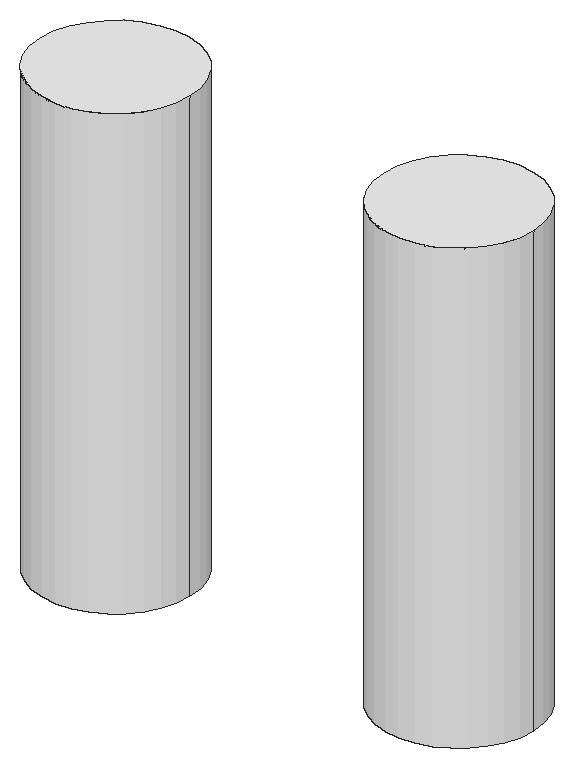
Revit family "52372267(2022)", category Plumbing Fixtures, Revit 2020
Family settings
  Round Connector Dimension = Use Diameter
  Part Type = Normal
  OmniClass Number = 23.45.55.00
  OmniClass Title = Sanitary Faucets, Wastes
  Work Plane-Based = No
  Always vertical = Yes
  Cut with Voids When Loaded = No
  Shared = No
  Room Calculation Point = No
Parameters (values of type "52372267 Washbasin faucet ")
  Working Pressure = "50 - 1000 kPa"
  WarrantyStartDate [instance] = "n/a"
  WarrantyGuarantorParts = "n/a"
  WarrantyGuarantorLabor = "n/a"
  WarrantyDurationUnit = "Year"
  WarrantyDurationParts = "n/a"
  WarrantyDurationLabor = "n/a"
  WarrantyDescription = "http://warranty.hansa.com"
  Warranty Information URL = "http://warranty.hansa.com"
  VersionDate = "01/06/2023"
  Version = "1"
  ValvePattern = "n/a"
  ValveOperation = "n/a"
  ValveMechanism = "n/a"
  Uniclass2015Reference = "Pr_40_20_87_96"
  Uniclass2015Description = "Washbasin manual water supply sets"
  Uniclass2 = "Pr_40_30_96_96"
  URL UWL = "http://static.hansa.com/UWL/52372267"
  URL REACH = "http://static.hansa.com/doc/reach"
  URL Materials Declaration = "http://www.hansa.com/fileadmin/resources/166750_52372267_materialsdeclaration.pdf"
  URL Environmental Product Declaration EPD = "http://www.hansa.com/fileadmin/resources/184523_EPD_Washbasin faucet.pdf"
  URL EcoLabel Declaration = "http://static.hansa.com/doc/EcoLabel"
  URL EU Packaging Declaration = "http://static.hansa.com/doc/packaging"
  URL Declaration of SCIP = "http://static.hansa.com/doc/SCIP"
  URL Declaration of Conformity = "http://static.hansa.com/DoC/52372267"
  URL Declaration of Asbestos = "http://static.hansa.com/doc/asbestos"
  URL Declaration Of Performance (DOP) = "http://static.hansa.com/doc/DoP"
  URL = ""
  UNSPSC Class Number = "30181700 Faucets or taps"
  Type Comments = ""
  TestPressure = "n/a"
  Temperature Adjustments = "Limitation option for maximum temperature and flow-rate "
  Technical DataSheet URL = "http://www.hansa.com/datasheet/52372267/en"
  TagNumber [instance] = "n/a"
  SustainabilityPerformance = "n/a"
  Surface treatment = "Chrome"
  Spout Type = "Fixed spout"
  Spout Projection = "114 mm"
  Spare-Part Information URL = "http://static.hansa.com/sp/52372267"
  Size = "50x170x200 mm"
  Shape = "Sculptured"
  SerialNumber [instance] = "n/a"
  Sales Package dimensions (LxWxH) = "380 x 180 x 74"
  Revision = "n/a"
  ReplacementCost = "n/a"
  ProductInformation = "n/a"
  Product URL = "http://static.hansa.com/52372267"
  Product Image URL = "http://static.hansa.com/image/52372267"
  Product Family = "HANSAVANTIS XL"
  Product Code = "52372267"
  OperatingMechanismMaterial = "n/a"
  NominalWidth = 46.499 mm
  NominalHeight = 188.5 mm
  NominalDepth = 148.456 mm
  Name_en = "52372267 Washbasin faucet"
  Name = "52372267 Washbasin faucet"
  NBSReference = "45-35-70/371"
  NBSDescription = "Water supply fittings for wash basins and troughs"
  Mounting Holes = "1 hole"
  ModelReference = "52372267"
  ModelNumber = "n/a"
  Model = "52372267 Washbasin faucet"
  Mobile Product Information URL = "http://mpi.hansa.com/52372267"
  Mechanical Parts = "30Cartridge"
  Max. Hot Water Supply = 70 °C
  Material = "Brass"
  Market = "International;Germany;Austria;Belgium;Netherlands;Czech Republic;Slovakia;Italy"
  ManufacturerURL = "http://www.hansa.com"
  ManufacturerName = "HANSA"
  Manufacturer = "HANSA"
  Lever Handle = "Single operating lever/handle;Pin shape;Hot/Cold symbols"
  Keynote = ""
  Interactive AR View URL = "https://static.hansa.com/AR/52372267"
  InstallationDate [instance] = "n/a"
  Installation and Maintenance Guide URL = "http://static.hansa.com/manual/52372267"
  Installation Type = "Deck mounted"
  InletConnectionSize = 10 mm
  IfcExportType = "FAUCET"  # constant formula
  IfcExportAs = "IfcValveType"  # constant formula
  Group = "Washbasin faucet"
  Grade = "n/a"
  FlowCoefficient = 0
  Flow Rate At 300kPa With Flow Controller = 0.01 L/s
  Flow Drawing URL = "http://static.hansa.com/flowchart/52372267"
  Finish = "Polished"
  Features = "Single-lever"
  FaucetMainMaterial = Brass
  FDV Document URL = "http://www.hansa.com/datasheet/52372267/en/fdv"
  ExpectedLife = "n/a"
  Excluded Items = "Without pop-up waste"
  ETIM Class Number = "EC011328 Washbasin mixing tap"
  EN Standard = "EN 817"
  EAN Number = "4057304017179"
  DurationUnit = "Year"
  Dimension Drawing URL = "http://static.hansa.com/dimdrw/52372267"
  Description = ""
  DefaultElevation [instance] = 900 mm
  Default Elevation = 0 mm
  Constituents = "n/a"
  Connection Size = "G3/8"
  Connection = "Flexible inlet pipes"
  Color = "Chrome"
  CodePerformance = "n/a"
  CloseOffRating = 0
  Category = "Washbasin"
  Catalog Drawing URL = "http://static.hansa.com/catdrw/52372267"
  CO2 Emissions (D) = -5.72
  CO2 Emissions (C4) = 0.06
  CO2 Emissions (C3) = 0.02
  CO2 Emissions (C2) = 0.01
  CO2 Emissions (B7) = 1854
  CO2 Emissions (A4) = 0.22
  CO2 Emissions (A1-A3) = 8.04
  Brand = "HANSA"
  BodyMaterial = "Brass"
  Barcode [instance] = "n/a"
  Backflow Prevention EN1717 = "AA"
  BIMObjectName = "52372267(2022)"
  Author = "BIMStone"
  AssetType = "Fixed"
  AssetIdentifier [instance] = "n/a"
  Aerator = "PCA® - constant flow rate regardless of pressure variations"
  Advanced Features = "Inner body made of DZR brass;3S-installation system for safe and simple mounting"
  AccessibilityPerformance = "n/a"
  3D View = "https://static.hansa.com/AR/52372267"
  2D/3D/BIM Files URL = "http://static.hansa.com/bim/52372267"
Reference planes
  plane 1 "Center (Front/Back)": y = 0
  plane 2: z = 0
  plane 3 "Center (Left/Right)": x = 0
  plane 4: x = -23.249
  plane 5: z = 900
  plane 6: z = 870
  plane 7: y = -148.456
  plane 8: x = 23.249
  plane 9: z = 1088.5
Forms (mm)
  Extrusion 1, solid, material "Brass" <- "FaucetMainMaterial"
    sketch origin (0, -0.77, 0) x (1, 0, 0) y (0, 1, 0)
      loop
        circle (-11.5, -22.5) r 5
      loop
        circle (11.5, -22.5) r 5
    from 870 to 900
Dimensions and locks
  "DefaultElevation": plane 5 to level
  locked: plane 5 to plane 6 at 30
  "NominalDepth": plane 7 to plane 1 "Center (Front/Back)"
  equal spacing: plane 4, plane 3 "Center (Left/Right)", plane 8
  "NominalHeight": plane 9 to plane 5
  "NominalWidth": plane 4 to plane 8
  "InletConnectionSize": diameter of Extrusion 1 sketch curve  (x2)
  aligned and locked: level to plane 2
  aligned and locked: plane 5 to Extrusion 1
  aligned and locked: Extrusion 1 to plane 6
  aligned and locked: plane 1 "Center (Front/Back)" to nested 2
  aligned and locked: plane 3 "Center (Left/Right)" to nested 2
  aligned and locked: plane 3 "Center (Left/Right)" to nested 1
  aligned and locked: plane 1 "Center (Front/Back)" to nested 1
  aligned and locked: plane 9 to nested 2
Automatic sketch dimensions
  Extrusion 1 sketch curve to plane 3 "Center (Left/Right)" = 11.5 mm
  plane 3 "Center (Left/Right)" to Extrusion 1 sketch curve = 11.5 mm
  plane 1 "Center (Front/Back)" to Extrusion 1 sketch curve = 23.27 mm  (x2)
Nested families
  nested 1: "Symbol" at (0, 0, 0), type "Symbol", detail levels coarse
  nested 2: "52372267(2022).p" at (0, 0, 900), main material <- "FaucetMainMaterial", type "52372267(2022)Body"
    with main material Brass
Connectors
  piping at (-11.5, -23.27, 870), diameter 10, driven by "InletConnectionSize"
    settings: on Extrusion 1, index 1, connector inside diameter 609.6 mm, connector length 0 mm, flow factor 0, pipe flow 0.2 L/s, pressure drop 0.0 Pa, fitting loss kfactor 0, connector angle 0.00°, fixture units 0, engagement length 0 mm, angle of deflection 0.00°, flow configuration 1, flow direction 1, fitting loss method 0, system type 19, joint type 0, gender type 0, connector reference index -1, connector utility 0, adjustable connector no, is connector primary yes, connector description ""
  piping at (11.5, -23.27, 870), diameter 10, driven by "InletConnectionSize"
    settings: on Extrusion 1, index 2, connector inside diameter 609.6 mm, connector length 0 mm, flow factor 0, pipe flow 0.2 L/s, pressure drop 0.0 Pa, fitting loss kfactor 0, connector angle 0.00°, fixture units 0, engagement length 0 mm, angle of deflection 0.00°, flow configuration 1, flow direction 1, fitting loss method 0, system type 20, joint type 0, gender type 0, connector reference index -1, connector utility 0, adjustable connector no, is connector primary no, connector description ""
Definition of nested family "Symbol"
  Reference planes
    plane 1: y = 0
    plane 2: x = 0
  Lines and regions (mm)
    detail lines
      curve 1: line (0, 0, 0) -> (0, -1.8, 0)
      curve 2: line (-0.4, -1.1, 0) -> (0.4, -1.1, 0)
      curve 3: line (-0.4, -1.4, 0) -> (0.4, -1.4, 0)
      curve 4: line (0.863, 0, 0) -> (-0.863, 0, 0)
      curve 5: circle (-1.163, 0, 0) r 0.3 normal (0, 0, -1)
      curve 6: circle (1.163, 0, 0) r 0.3 normal (0, 0, 1)
Definition of nested family "52372267(2022).p"
  Parameters (values of type "52372267(2022).p")
    main material [instance] = none
    Default Elevation = 0 mm
  Types (2): name
    52372267(2022).p
    52402263(2022)Body
  Reference planes
    plane 1 "Center (Front/Back)": y = 0
    plane 2: z = 0
    plane 3 "Center (Left/Right)": x = 0
    plane 4: x = -23.265
    plane 5: x = 23.265
    plane 6: y = -148.456
    plane 7: z = 188.5
  Forms (mm)
    Revolve 1, solid, material <- "main material", detail levels medium
      sketch origin (0, 0, 0) x (0, 1, 0) y (0, 0, 1)
        loop
          line (-23.384, 188.5) -> (-23.384, 0) -> (0, 0) -> (0, 188.5) -> (-23.384, 188.5)
        axis (-23.384, 0) -> (-23.384, 188.5)
      angle from 0 to 360
    Revolve 2, solid, material <- "main material", detail levels medium
      sketch origin (0, 0, 2.5) x (0, 1, 0) y (0, 0, 1)
        loop
          line (-37.153, 125.674) -> (-41.564, 142.137) -> (-148.456, 109.457) -> (-143.476, 93.168) -> (-37.153, 125.674)
        axis (-36.585, 125.848) -> (-143.476, 93.168)
      angle from 0 to 360
    Extrusion 3, solid, material <- "main material", detail levels medium
      sketch origin (0, 0, 0) x (0, 1, 0) y (0, 0, 1)
        loop
          line (-110.885, 178.5) -> (-35.885, 178.5) -> (-35.885, 188.5) -> (-110.885, 188.5) -> (-110.885, 178.5)
      from -4.796 to 4.796
    Extrusion 4, solid, material <- "main material", detail levels coarse
      sketch origin (0, 0, 0) x (0, 1, 0) y (0, 0, 1)
        loop
          line (-148.456, 188.5) -> (-148.456, 0) -> (0, 0) -> (0, 188.5) -> (-148.456, 188.5)
      from -23.265 to 23.265
  Lines and regions (mm)
    symbolic lines, detail levels medium+fine
      curve 1: arc (0, 0, 0) -> (-20.142, -11.621, 0) -> (-20.161, -34.875, 0) r 23.265
      curve 2: line (-16.6, -53.181, 0) -> (-15.333, -133.171, 0)
      curve 3: arc (-15.333, -133.171, 0) -> (-10.842, -144.013, 0) -> (0, -148.503, 0) r 15.333
      curve 8: arc (-20.161, -34.875, 0) -> (-17.572, -43.871, 0) -> (-16.6, -53.181, 0) r 53.155
      curve 11: arc (0, 0, 0) -> (20.142, -11.621, 0) -> (20.161, -34.875, 0) r 23.265
      curve 12: line (16.6, -53.181, 0) -> (15.333, -133.171, 0)
      curve 13: arc (15.333, -133.171, 0) -> (10.842, -144.013, 0) -> (0, -148.503, 0) r 15.333
      curve 18: arc (20.161, -34.875, 0) -> (17.572, -43.871, 0) -> (16.6, -53.181, 0) r 53.155
      curve 67: line (0, 0, 0) -> (0, 0, 148.422)
      curve 68: arc (0, 0, 148.422) -> (0, -0.189, 148.851) -> (0, -0.634, 149) r 0.58
      curve 69: line (0, -0.634, 149) -> (0, -1.605, 149)
      curve 70: arc (0, -1.386, 149.269) -> (0, -2.584, 153.338) -> (0, -4.549, 157.097) r 21.749
      curve 71: arc (0, -1.605, 149) -> (0, -1.433, 149.083) -> (0, -1.386, 149.269) r 0.226
      curve 75: arc (0, -46.219, 150.976) -> (0, -46.536, 151.107) -> (0, -46.667, 151.423) r 0.447
      curve 76: arc (0, -44.968, 150.976) -> (0, -45.2, 150.13) -> (0, -45.354, 149.266) r 9.554
      curve 77: arc (0, -45.354, 149.266) -> (0, -45.306, 149.089) -> (0, -45.146, 149) r 0.236
      curve 78: line (0, -4.549, 157.097) -> (0, -0.332, 158.467)
      curve 79: arc (0, -0.332, 158.467) -> (0, -0.099, 158.632) -> (0, 0, 158.9) r 0.482
      curve 80: line (0, 0, 158.9) -> (0, 0, 187.012)
      curve 81: arc (0, 0, 187.012) -> (0, -0.456, 188.084) -> (0, -1.545, 188.5) r 1.489
      curve 82: line (0, -1.545, 188.5) -> (0, -108.914, 188.5)
      curve 83: spline (0, -108.914, 188.5) -> (0, -109.424, 188.323) -> (0, -109.9, 187.802) -> (0, -110.308, 186.974) -> (0, -110.621, 185.896) -> (0, -110.818, 184.639) -> (0, -110.885, 183.291) -> (0, -110.818, 181.943) -> (0, -110.621, 180.687) -> (0, -110.308, 179.608) -> (0, -109.9, 178.78) -> (0, -109.424, 178.26) -> (0, -108.914, 178.083)
      curve 84: line (0, -108.914, 178.083) -> (0, -51.936, 178.083)
      curve 85: arc (0, -51.936, 178.083) -> (0, -50.333, 177.962) -> (0, -48.766, 177.604) r 10.739
      curve 86: arc (0, -48.766, 177.604) -> (0, -47.549, 176.822) -> (0, -46.912, 175.524) r 2.695
      curve 87: arc (0, -46.912, 175.524) -> (0, -46.677, 173.915) -> (0, -46.573, 172.292) r 20.244
      curve 88: line (0, -46.573, 172.292) -> (0, -46.667, 151.423)
      curve 89: line (0, 0, 0) -> (0, -46.54, 0)
      curve 90: line (0, -46.54, 0) -> (0, -46.54, 90)
      curve 91: arc (0, -46.54, 90) -> (0, -51.18, 99.962) -> (0, -61.791, 102.82) r 13.014
      curve 92: line (0, -61.791, 102.82) -> (0, -118.241, 89.229)
      curve 93: arc (0, -118.241, 89.229) -> (0, -120.573, 89.113) -> (0, -122.786, 89.857) r 6.285
      curve 94: line (0, -122.786, 89.857) -> (0, -124.622, 91.346)
      curve 95: line (0, -124.622, 91.346) -> (0, -125.518, 89.999)
      curve 96: line (0, -125.518, 89.999) -> (0, -126.351, 90.553)
      curve 97: line (0, -126.351, 90.553) -> (0, -128.478, 87.353)
      curve 98: line (0, -128.478, 87.353) -> (0, -146.821, 99.547)
      curve 99: line (0, -146.821, 99.547) -> (0, -144.608, 102.876)
      curve 100: line (0, -144.608, 102.876) -> (0, -145.446, 103.433)
      curve 101: line (0, -145.446, 103.433) -> (0, -143.098, 106.966)
      curve 102: line (0, -143.098, 106.966) -> (0, -147.859, 110.961)
      curve 103: arc (0, -147.859, 110.961) -> (0, -148.317, 111.572) -> (0, -148.456, 112.323) r 1.677
      curve 104: arc (0, -148.456, 112.323) -> (0, -148.012, 113.267) -> (0, -147.031, 113.621) r 1.363
      curve 105: line (0, -147.031, 113.621) -> (0, -56.938, 137.762)
      curve 106: arc (0, -56.938, 137.762) -> (0, -51.208, 140.745) -> (0, -47.275, 145.87) r 14.923
      curve 107: arc (0, -46.219, 149) -> (0, -46.551, 148.878) -> (0, -46.725, 148.571) r 0.513
      curve 108: arc (0, -47.275, 145.87) -> (0, -46.841, 147.188) -> (0, -46.725, 148.571) r 5.91
      curve 112: line (0, -45.146, 149) -> (0, -46.219, 149)
      curve 113: line (0, -44.968, 150.976) -> (0, -46.219, 150.976)
    symbolic lines, detail levels fine
      curve 4: line (0, -110.885, 0) -> (-3.25, -110.885, 0)
      curve 5: arc (-3.25, -110.885, 0) -> (-4.651, -110.305, 0) -> (-5.231, -108.904, 0) r 1.981
      curve 6: line (-5.231, -108.904, 0) -> (-5.231, -53.904, 0)
      curve 7: arc (-5.231, -53.904, 0) -> (-6.961, -47.755, 0) -> (-11.642, -43.408, 0) r 11.797
      curve 9: arc (-20.161, -34.875, 0) -> (-16.464, -39.703, 0) -> (-11.642, -43.408, 0) r 23.265
      curve 10: arc (-11.642, -43.408, 0) -> (-6.027, -45.736, 0) -> (0, -46.531, 0) r 23.265
      curve 14: line (0, -110.885, 0) -> (3.25, -110.885, 0)
      curve 15: arc (3.25, -110.885, 0) -> (4.651, -110.305, 0) -> (5.231, -108.904, 0) r 1.981
      curve 16: line (5.231, -108.904, 0) -> (5.231, -53.904, 0)
      curve 17: arc (5.231, -53.904, 0) -> (6.961, -47.755, 0) -> (11.642, -43.408, 0) r 11.797
      curve 19: arc (20.161, -34.875, 0) -> (16.464, -39.703, 0) -> (11.642, -43.408, 0) r 23.265
      curve 20: arc (11.642, -43.408, 0) -> (6.027, -45.736, 0) -> (0, -46.531, 0) r 23.265
      curve 72: line (0, -4.549, 157.097) -> (0, -21.953, 151.442)
      curve 73: arc (0, -21.953, 151.442) -> (0, -23.41, 151.093) -> (0, -24.903, 150.976) r 9.533
      curve 74: line (0, -24.903, 150.976) -> (0, -44.968, 150.976)
      curve 109: arc (0, -46.54, 90) -> (0, -34.369, 118.249) -> (0, -35.071, 149) r 72.149
      curve 110: line (0, -1.605, 149) -> (0, -35.071, 149)
      curve 111: line (0, -35.071, 149) -> (0, -45.146, 149)
      curve 114: line (0, -126.351, 90.553) -> (0, -144.608, 102.876)
      curve 115: line (0, -143.098, 106.966) -> (0, -124.622, 91.346)
    symbolic lines
      curve 21: line (0, 0, 0) -> (-23.265, 0, 0)
      curve 22: line (-23.265, 0, 0) -> (-23.265, 0, 148.417)
      curve 23: arc (-23.265, 0, 148.417) -> (-23.118, 0, 148.806) -> (-22.75, 0, 149) r 0.588
      curve 24: line (-22.75, 0, 149) -> (-21.775, 0, 149)
      curve 25: line (-21.997, 0, 149.266) -> (-21.554, 0, 151.039)
      curve 26: arc (-21.775, 0, 149) -> (-21.954, 0, 149.077) -> (-21.997, 0, 149.266) r 0.214
      curve 27: line (-21.554, 0, 151.039) -> (0, 0, 151.039)
      curve 28: line (-21.554, 0, 151.039) -> (-22.795, 0, 151.039)
      curve 29: arc (-22.795, 0, 151.039) -> (-23.159, 0, 151.207) -> (-23.265, 0, 151.594) r 0.477
      curve 30: line (-23.265, 0, 151.594) -> (-23.265, 0, 187)
      curve 31: arc (-23.265, 0, 187) -> (-22.81, 0, 188.076) -> (-21.721, 0, 188.5) r 1.501
      curve 32: line (-21.721, 0, 188.5) -> (0, 0, 188.5)
      curve 33: arc (0, 0, 188.5) -> (-5.5, 0, 183) -> (0, 0, 177.5) r 5.5
      curve 34: arc (0, 0, 186.59) -> (-3.284, 0, 183.306) -> (0, 0, 180.023) r 3.284
      curve 35: arc (-11.549, 0, 188.5) -> (-10.096, 0, 177.413) -> (0, 0, 172.604) r 11.706
      curve 36: line (-15.281, 0, 102.555) -> (-16.268, 0, 120.327)
      curve 37: arc (-16.268, 0, 120.327) -> (-11.822, 0, 132.35) -> (0, 0, 137.309) r 16.091
      curve 38: arc (-11.829, 0, 93.398) -> (-14.259, 0, 97.711) -> (-15.281, 0, 102.555) r 16.29
      curve 39: spline (0, 0, 100.894) -> (-3.065, 0, 100.65) -> (-5.921, 0, 99.934) -> (-8.373, 0, 98.795) -> (-10.255, 0, 97.31) -> (-11.438, 0, 95.582) -> (-11.841, 0, 93.727) -> (-11.438, 0, 91.872) -> (-10.255, 0, 90.143) -> (-8.373, 0, 88.659) -> (-5.921, 0, 87.52) -> (-3.065, 0, 86.804) -> (0, 0, 86.56)
      curve 40: arc (-15.281, 0, 102.555) -> (-9.637, 0, 110.781) -> (0, 0, 113.36) r 14.389
      curve 41: line (0, 0, 0) -> (23.265, 0, 0)
      curve 42: line (23.265, 0, 0) -> (23.265, 0, 148.417)
      curve 43: arc (23.265, 0, 148.417) -> (23.118, 0, 148.806) -> (22.75, 0, 149) r 0.588
      curve 44: line (22.75, 0, 149) -> (21.785, 0, 149)
      curve 45: line (21.997, 0, 149.266) -> (21.554, 0, 151.039)
      curve 46: line (21.554, 0, 151.039) -> (0, 0, 151.039)
      curve 47: line (21.554, 0, 151.039) -> (22.795, 0, 151.039)
      curve 48: arc (22.795, 0, 151.039) -> (23.159, 0, 151.207) -> (23.265, 0, 151.594) r 0.477
      curve 49: line (23.265, 0, 151.594) -> (23.265, 0, 187)
      curve 50: arc (23.265, 0, 187) -> (22.81, 0, 188.076) -> (21.721, 0, 188.5) r 1.501
      curve 51: line (21.721, 0, 188.5) -> (0, 0, 188.5)
      curve 52: arc (0, 0, 188.5) -> (5.5, 0, 183) -> (0, 0, 177.5) r 5.5
      curve 53: arc (0, 0, 186.59) -> (3.284, 0, 183.306) -> (0, 0, 180.023) r 3.284
      curve 54: arc (11.549, 0, 188.5) -> (10.096, 0, 177.413) -> (0, 0, 172.604) r 11.706
      curve 55: line (15.281, 0, 102.555) -> (16.268, 0, 120.327)
      curve 56: arc (16.268, 0, 120.327) -> (11.822, 0, 132.35) -> (0, 0, 137.309) r 16.091
      curve 57: arc (11.829, 0, 93.398) -> (14.259, 0, 97.711) -> (15.281, 0, 102.555) r 16.29
      curve 58: spline (0, 0, 100.894) -> (3.065, 0, 100.65) -> (5.921, 0, 99.934) -> (8.373, 0, 98.795) -> (10.255, 0, 97.31) -> (11.438, 0, 95.582) -> (11.841, 0, 93.727) -> (11.438, 0, 91.872) -> (10.255, 0, 90.143) -> (8.373, 0, 88.659) -> (5.921, 0, 87.52) -> (3.065, 0, 86.804) -> (0, 0, 86.56)
      curve 59: arc (15.281, 0, 102.555) -> (9.637, 0, 110.781) -> (0, 0, 113.36) r 14.389
      curve 60: arc (21.785, 0, 149) -> (21.957, 0, 149.081) -> (21.997, 0, 149.266) r 0.214
      curve 61: line (-21.775, 0, 149) -> (0, 0, 149)
      curve 62: line (21.785, 0, 149) -> (0, 0, 149)
      curve 63: arc (-17.488, 0, 97.615) -> (0.012, 0, 80.115) -> (17.512, 0, 97.615) r 17.5
      curve 64: line (-17.488, 0, 97.615) -> (-17.488, 0, 127.615)
      curve 65: line (17.512, 0, 97.615) -> (17.512, 0, 127.615)
      curve 66: arc (17.512, 0, 127.615) -> (0.012, 0, 145.115) -> (-17.488, 0, 127.615) r 17.5
  Dimensions and locks
    aligned and locked: level to plane 2
